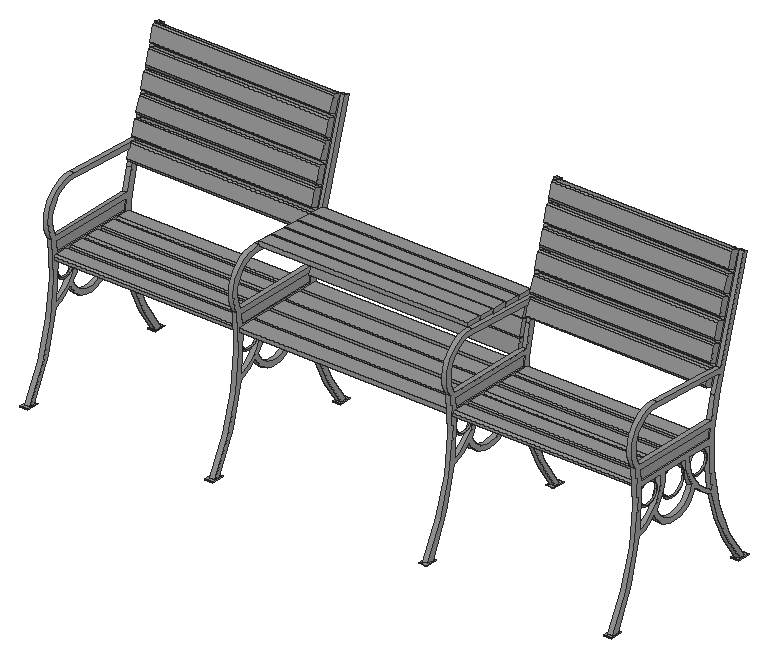
Revit family "Скамейка стальная «Дуэт» Арт 6830", category Антураж, Revit 2018
Family settings
  На основе рабочей плоскости = Нет
  Всегда вертикально = Да
  При загрузке вырезать с полостями = Нет
  Источник визуального образа = Геометрия семейства
  Общий = Нет
  Точка расчета площади = Нет
Parameters (values of type "Скамейка стальная «Дуэт». Версия 2,0 м")
  Ширина = 600 mm  # constant formula
  Цыкт лавки = Дерево
  Цвет опор = Сталь
  Описание = "Скамейка стальная «Дуэт». Версия 2,0 м"  # constant formula
  Материал изделия = "Сталь, дерево"  # constant formula
  Изображение типоразмера = Скамейка стальная «Дуэт» Арт 6830.jpg
  Изготовитель = "ООО «Хоббика»"  # constant formula
  Длина = 2000 mm  # constant formula
  Группа модели = "Садовые скамейки"  # constant formula
  Высота = 930 mm  # constant formula
  Артикул товара = "Арт. 6830"  # constant formula
  URL = "https://hobbyka.ru/product/skameika_modulnaia_duet/"
Reference planes
  plane 1 "По центру (Вперед/Назад)": y = 0
  plane 2: z = 0
  plane 3 "По центру (Влево/Вправо)": x = 0
  plane 4: x = 2000
  plane 5: y = 600
  plane 6: z = 930
Forms (mm)
  Extrusion 1, solid, material "Дерево" <- "Цыкт лавки"
    sketch origin (0, 6.301, 105.551) x (0, 0.999898, 0.014287) y (0, -0.014287, 0.999898)
      loop
        line (544.112, 820.278) -> (529.897, 776.53) -> (533.107, 770.229) -> (554.981, 763.122) -> (572.286, 816.381) -> (550.412, 823.488) -> (544.112, 820.278)
      loop
        line (523.716, 757.508) -> (509.502, 713.76) -> (512.712, 707.459) -> (534.586, 700.352) -> (551.891, 753.611) -> (530.017, 760.719) -> (523.716, 757.508)
      loop
        line (503.321, 694.739) -> (489.106, 650.99) -> (492.317, 644.69) -> (514.191, 637.582) -> (531.496, 690.841) -> (509.622, 697.949) -> (503.321, 694.739)
      loop
        line (482.926, 631.969) -> (468.711, 588.22) -> (471.922, 581.92) -> (493.796, 574.813) -> (511.101, 628.072) -> (489.227, 635.179) -> (482.926, 631.969)
      loop
        line (462.531, 569.199) -> (448.316, 525.451) -> (451.526, 519.15) -> (473.401, 512.043) -> (490.706, 565.302) -> (468.831, 572.409) -> (462.531, 569.199)
      loop
        line (442.136, 506.429) -> (427.921, 462.681) -> (431.131, 456.38) -> (453.006, 449.273) -> (470.311, 502.532) -> (448.436, 509.64) -> (442.136, 506.429)
      loop
        line (169.768, 298.054) -> (169.897, 307.053) -> (164.969, 312.124) -> (118.973, 312.781) -> (113.902, 307.853) -> (113.774, 298.854) -> (169.768, 298.054)
      loop
        line (235.761, 297.111) -> (235.89, 306.11) -> (230.962, 311.181) -> (184.967, 311.838) -> (179.896, 306.91) -> (179.767, 297.911) -> (235.761, 297.111)
      loop
        line (301.755, 296.168) -> (301.883, 305.167) -> (296.955, 310.238) -> (250.96, 310.895) -> (245.889, 305.967) -> (245.76, 296.968) -> (301.755, 296.168)
      loop
        line (367.748, 295.225) -> (367.877, 304.224) -> (362.948, 309.295) -> (316.953, 309.952) -> (311.882, 305.024) -> (311.754, 296.025) -> (367.748, 295.225)
      loop
        line (433.741, 294.282) -> (433.87, 303.281) -> (428.942, 308.352) -> (382.946, 309.009) -> (377.875, 304.081) -> (377.747, 295.082) -> (433.741, 294.282)
    from 16 to 629
  Extrusion 2, solid, material "Дерево" <- "Цыкт лавки"
    sketch origin (0, 6.301, 105.551) x (0, 0.999898, 0.014287) y (0, -0.014287, 0.999898)
      loop
        line (544.112, 820.278) -> (529.897, 776.53) -> (533.107, 770.229) -> (554.981, 763.122) -> (572.286, 816.381) -> (550.412, 823.488) -> (544.112, 820.278)
      loop
        line (523.716, 757.508) -> (509.502, 713.76) -> (512.712, 707.459) -> (534.586, 700.352) -> (551.891, 753.611) -> (530.017, 760.719) -> (523.716, 757.508)
      loop
        line (503.321, 694.739) -> (489.106, 650.99) -> (492.317, 644.69) -> (514.191, 637.582) -> (531.496, 690.841) -> (509.622, 697.949) -> (503.321, 694.739)
      loop
        line (482.926, 631.969) -> (468.711, 588.22) -> (471.922, 581.92) -> (493.796, 574.813) -> (511.101, 628.072) -> (489.227, 635.179) -> (482.926, 631.969)
      loop
        line (462.531, 569.199) -> (448.316, 525.451) -> (451.526, 519.15) -> (473.401, 512.043) -> (490.706, 565.302) -> (468.831, 572.409) -> (462.531, 569.199)
      loop
        line (442.136, 506.429) -> (427.921, 462.681) -> (431.131, 456.38) -> (453.006, 449.273) -> (470.311, 502.532) -> (448.436, 509.64) -> (442.136, 506.429)
      loop
        line (169.768, 298.054) -> (169.897, 307.053) -> (164.969, 312.124) -> (118.973, 312.781) -> (113.902, 307.853) -> (113.774, 298.854) -> (169.768, 298.054)
      loop
        line (235.761, 297.111) -> (235.89, 306.11) -> (230.962, 311.181) -> (184.967, 311.838) -> (179.896, 306.91) -> (179.767, 297.911) -> (235.761, 297.111)
      loop
        line (301.755, 296.168) -> (301.883, 305.167) -> (296.955, 310.238) -> (250.96, 310.895) -> (245.889, 305.967) -> (245.76, 296.968) -> (301.755, 296.168)
      loop
        line (367.748, 295.225) -> (367.877, 304.224) -> (362.948, 309.295) -> (316.953, 309.952) -> (311.882, 305.024) -> (311.754, 296.025) -> (367.748, 295.225)
      loop
        line (433.741, 294.282) -> (433.87, 303.281) -> (428.942, 308.352) -> (382.946, 309.009) -> (377.875, 304.081) -> (377.747, 295.082) -> (433.741, 294.282)
    from 1371 to 1984
  Extrusion 3, solid, material "Дерево" <- "Цыкт лавки"
    sketch origin (0, 0, 0) x (0, 1, 0) y (0, 0, 1)
      loop
        line (237.793, 406) -> (237.793, 420) -> (181.793, 420) -> (181.793, 406) -> (237.793, 406)
      loop
        line (303.793, 406) -> (303.793, 420) -> (247.793, 420) -> (247.793, 406) -> (303.793, 406)
      loop
        line (369.793, 406) -> (369.793, 420) -> (313.793, 420) -> (313.793, 406) -> (369.793, 406)
      loop
        line (435.793, 406) -> (435.793, 420) -> (379.793, 420) -> (379.793, 406) -> (435.793, 406)
      loop
        line (171.793, 406) -> (171.793, 420) -> (115.793, 420) -> (115.793, 406) -> (171.793, 406)
    from 645 to 1355
  Extrusion 4, solid, material "Дерево" <- "Цыкт лавки"
    sketch origin (0, 0, 220) x (0, 1, 0) y (0, 0, 1)
      loop
        line (305.623, 406.664) -> (306.356, 420.644) -> (256.424, 423.261) -> (255.692, 409.28) -> (305.623, 406.664)
      loop
        line (360.548, 403.785) -> (361.28, 417.766) -> (311.349, 420.383) -> (310.616, 406.402) -> (360.548, 403.785)
      loop
        line (415.472, 400.907) -> (416.205, 414.887) -> (366.273, 417.504) -> (365.541, 403.523) -> (415.472, 400.907)
      loop
        line (470.397, 398.028) -> (471.13, 412.009) -> (421.198, 414.626) -> (420.465, 400.645) -> (470.397, 398.028)
      loop
        line (250.698, 409.542) -> (251.431, 423.523) -> (201.5, 426.14) -> (200.767, 412.159) -> (250.698, 409.542)
    from 645 to 1355
  Extrusion 5, solid, material "Дерево" <- "Цыкт лавки"
    sketch origin (0, -4.875, 204.234) x (0, 1, 0) y (0, 0, 1)
      loop
        line (440.227, 292.219) -> (426.515, 295.101) -> (418.211, 245.754) -> (431.923, 242.871) -> (440.227, 292.219)
      loop
        line (454.15, 345.483) -> (440.618, 349.073) -> (427.795, 300.746) -> (441.327, 297.155) -> (454.15, 345.483)
      loop
        line (470.397, 398.028) -> (457.022, 402.164) -> (442.252, 354.395) -> (455.627, 350.259) -> (470.397, 398.028)
    from 645 to 1355
Dimensions and locks
  "Длина": plane 3 "По центру (Влево/Вправо)" to plane 4
  "Ширина": plane 5 to plane 1 "По центру (Вперед/Назад)"
  plane 3 "По центру (Влево/Вправо)" to nested 3 to nested 4 to plane 4 = 645 mm, 710 mm, 645 mm
  "Высота": plane 6 to plane 2
  aligned and locked: level to plane 2
  aligned and locked: plane 4 to nested 2
Automatic sketch dimensions
  Extrusion 1 sketch curve to plane 1 "По центру (Вперед/Назад)" = 115.793 mm
  level to Extrusion 1 sketch curve = 406 mm
  Extrusion 1 sketch curve to Extrusion 1 sketch curve = 0.129 mm  (x5)
  Extrusion 1 sketch curve to Extrusion 1 sketch curve = 5.071 mm  (x10)
  Extrusion 1 sketch curve to Extrusion 1 sketch curve = 45.995 mm  (x5)
  Extrusion 1 sketch curve to Extrusion 1 sketch curve = 4.799 mm  (x5)
  Extrusion 1 sketch curve to Extrusion 1 sketch curve = 4.928 mm  (x10)
  Extrusion 1 sketch curve to Extrusion 1 sketch curve = 9.999 mm  (x4)
  Extrusion 1 sketch curve to Extrusion 1 sketch curve = 44.975 mm
  Extrusion 1 sketch curve to Extrusion 1 sketch curve = 3.21 mm  (x12)
  Extrusion 1 sketch curve to Extrusion 1 sketch curve = 14.215 mm  (x6)
  Extrusion 1 sketch curve to Extrusion 1 sketch curve = 6.18 mm  (x5)
  Extrusion 1 sketch curve to Extrusion 1 sketch curve = 6.3 mm  (x12)
  Extrusion 1 sketch curve to Extrusion 1 sketch curve = 21.874 mm  (x7)
  Extrusion 1 sketch curve to Extrusion 1 sketch curve = 3.09 mm  (x5)
  Extrusion 1 sketch curve to Extrusion 1 sketch curve = 0.8 mm  (x5)
  Extrusion 1 sketch curve to Extrusion 1 sketch curve = 0.143 mm  (x4)
  Extrusion 1 sketch curve to Extrusion 1 sketch curve = 140.921 mm
  Extrusion 1 sketch curve to Extrusion 1 sketch curve = 7.107 mm
  Extrusion 1 sketch curve to Extrusion 1 sketch curve = 9.511 mm  (x10)
  Extrusion 2 sketch curve to plane 1 "По центру (Вперед/Назад)" = 115.793 mm
  level to Extrusion 2 sketch curve = 406 mm
  Extrusion 2 sketch curve to Extrusion 2 sketch curve = 0.129 mm  (x5)
  Extrusion 2 sketch curve to Extrusion 2 sketch curve = 5.071 mm  (x10)
  Extrusion 2 sketch curve to Extrusion 2 sketch curve = 45.995 mm  (x5)
  Extrusion 2 sketch curve to Extrusion 2 sketch curve = 4.799 mm  (x5)
  Extrusion 2 sketch curve to Extrusion 2 sketch curve = 4.928 mm  (x10)
  Extrusion 2 sketch curve to Extrusion 2 sketch curve = 9.999 mm  (x4)
  Extrusion 2 sketch curve to Extrusion 2 sketch curve = 44.975 mm
  Extrusion 2 sketch curve to Extrusion 2 sketch curve = 3.21 mm  (x12)
  Extrusion 2 sketch curve to Extrusion 2 sketch curve = 14.215 mm  (x6)
  Extrusion 2 sketch curve to Extrusion 2 sketch curve = 6.18 mm  (x5)
  Extrusion 2 sketch curve to Extrusion 2 sketch curve = 6.3 mm  (x12)
  Extrusion 2 sketch curve to Extrusion 2 sketch curve = 21.874 mm  (x7)
  Extrusion 2 sketch curve to Extrusion 2 sketch curve = 3.09 mm  (x5)
  Extrusion 2 sketch curve to Extrusion 2 sketch curve = 0.8 mm  (x5)
  Extrusion 2 sketch curve to Extrusion 2 sketch curve = 0.143 mm  (x4)
  Extrusion 2 sketch curve to Extrusion 2 sketch curve = 140.921 mm
  Extrusion 2 sketch curve to Extrusion 2 sketch curve = 7.107 mm
  Extrusion 2 sketch curve to Extrusion 2 sketch curve = 9.511 mm  (x10)
  Extrusion 3 sketch curve to plane 1 "По центру (Вперед/Назад)" = 115.793 mm
  Extrusion 3 sketch curve to Extrusion 3 sketch curve = 56 mm  (x5)
  Extrusion 3 sketch curve to Extrusion 3 sketch curve = 10 mm  (x4)
  level to Extrusion 3 sketch curve = 406 mm
  Extrusion 3 sketch curve to Extrusion 3 sketch curve = 0 mm  (x7)
  Extrusion 3 sketch curve to Extrusion 3 sketch curve = 14 mm  (x2)
  Extrusion 4 sketch curve to plane 1 "По центру (Вперед/Назад)" = 200.767 mm
  Extrusion 4 sketch curve to Extrusion 4 sketch curve = 0.733 mm
  Extrusion 4 sketch curve to Extrusion 4 sketch curve = 49.931 mm  (x5)
  Extrusion 4 sketch curve to Extrusion 4 sketch curve = 4.993 mm  (x8)
  Extrusion 4 sketch curve to plane 6 = 311.972 mm
  Extrusion 4 sketch curve to Extrusion 4 sketch curve = 2.617 mm  (x5)
  Extrusion 4 sketch curve to Extrusion 4 sketch curve = 0.262 mm  (x4)
  Extrusion 5 sketch curve to Extrusion 5 sketch curve = 8.304 mm
  Extrusion 5 sketch curve to Extrusion 5 sketch curve = 1.28 mm
  Extrusion 5 sketch curve to Extrusion 5 sketch curve = 13.712 mm  (x2)
  Extrusion 5 sketch curve to Extrusion 5 sketch curve = 12.823 mm
  Extrusion 5 sketch curve to Extrusion 5 sketch curve = 1.1 mm
  Extrusion 5 sketch curve to Extrusion 5 sketch curve = 1.633 mm
  Extrusion 5 sketch curve to Extrusion 5 sketch curve = 1.477 mm
  Extrusion 5 sketch curve to Extrusion 5 sketch curve = 14.77 mm
  Extrusion 5 sketch curve to Extrusion 5 sketch curve = 49.347 mm
  Extrusion 5 sketch curve to Extrusion 5 sketch curve = 4.936 mm
  Extrusion 5 sketch curve to Extrusion 5 sketch curve = 5.644 mm
  Extrusion 5 sketch curve to Extrusion 5 sketch curve = 4.777 mm
  Extrusion 5 sketch curve to Extrusion 5 sketch curve = 5.322 mm
  Extrusion 5 sketch curve to Extrusion 5 sketch curve = 2.883 mm  (x2)
  Extrusion 5 sketch curve to plane 5 = 186.664 mm
  level to Extrusion 5 sketch curve = 447.105 mm
Nested families
  nested 1: "Скамейка стальная «Дуэт» опора боковая" at (0, 0, 0), type "Скамейка стальная «Дуэт» опора боковая"
  nested 2: "Скамейка стальная «Дуэт» опора боковая" at (2000, 0, 0) x (-1, 0, 0) z (0, 0, 1), type "Скамейка стальная «Дуэт» опора боковая"
  nested 3: "Скамейка стальная «Дуэт» опора боковая" at (645, 0, 0) x (-1, 0, 0) z (0, 0, 1), type "Скамейка стальная «Дуэт» опора боковая"
  nested 4: "Скамейка стальная «Дуэт» опора боковая" at (1355, 0, 0), type "Скамейка стальная «Дуэт» опора боковая"
Definition of nested family "Скамейка стальная «Дуэт» опора боковая"
  Parameters (values of type "Скамейка стальная «Дуэт» опора боковая")
    Цвет опоры = none
    Height = 0 mm
  Reference planes
    plane 1 "По центру (Вперед/Назад)": y = 0
    plane 2: z = 0
    plane 3 "По центру (Влево/Вправо)": x = 0
    plane 4: y = 600
    plane 5: z = 930
  Forms (mm)
    Extrusion 1, solid, material <- "Цвет опоры"
      sketch origin (0, -16.428, 0) x (0, 1, 0) y (0, 0, 1)
        loop
          line (483.352, 552.631) -> (598.511, 925.08) -> (583.293, 930.025) -> (486.825, 618.028) -> (219.7, 632.028)
          arc (219.7, 632.028) -> (122.348, 579.195) -> (125.183, 468.467) r 106.029
          arc (125.183, 468.467) -> (119.539, 225.238) -> (27.559, 0) r 671.185
          line (27.559, 0) -> (46.473, 0)
          arc (46.473, 0) -> (106.362, 122.112) -> (141.029, 253.628) r 687.185
          arc (141.029, 253.628) -> (173.852, 270.177) -> (202.037, 293.773) r 160.163
          arc (202.037, 293.773) -> (292.807, 237.953) -> (377.697, 302.363) r 94.331
          arc (377.697, 302.363) -> (410.8, 270.913) -> (451.307, 249.838) r 163.57
          arc (451.307, 249.838) -> (495.055, 118.139) -> (567.868, 0) r 600.476
          line (567.868, 0) -> (588.428, 0)
          arc (588.428, 0) -> (465.032, 262.843) -> (483.352, 552.631) r 584.476
        loop
          line (463.099, 541.294) -> (481.95, 602.262) -> (218.863, 616.05)
          arc (218.863, 616.05) -> (134.778, 568.63) -> (141.953, 472.362) r 90.029
          line (141.953, 472.362) -> (447.189, 472.362)
          arc (447.189, 472.362) -> (454.128, 507.062) -> (463.099, 541.294) r 600.476
        loop
          line (439.598, 404) -> (353.239, 404)
          arc (353.239, 404) -> (379.364, 318.991) -> (448.675, 263.269) r 151.57
          arc (448.675, 263.269) -> (439.991, 333.367) -> (439.598, 404) r 600.476
        loop
          arc (440.665, 420) -> (442.405, 438.212) -> (444.698, 456.362) r 600.476
          line (444.698, 456.362) -> (143.167, 456.362)
          arc (143.167, 456.362) -> (145.434, 438.208) -> (147.216, 420) r 687.185
          line (147.216, 420) -> (440.665, 420)
        loop
          line (337.239, 404) -> (249.974, 404)
          arc (249.974, 404) -> (241.099, 350.726) -> (215.417, 303.215) r 164.163
          arc (215.417, 303.215) -> (293.337, 254.009) -> (364.146, 312.992) r 78.331
          arc (364.146, 312.992) -> (344.115, 356.551) -> (337.239, 404) r 167.57
        loop
          line (233.974, 404) -> (148.379, 404)
          arc (148.379, 404) -> (149.138, 335.529) -> (143.078, 267.323) r 687.185
          arc (143.078, 267.323) -> (209.183, 321.924) -> (233.974, 404) r 148.163
      from 0 to 16
    Extrusion 2, solid, material <- "Цвет опоры"
      sketch origin (0, -16.428, 0) x (0, 1, 0) y (0, 0, 1)
        loop
          line (148.379, 404) -> (439.598, 404)
          arc (439.598, 404) -> (439.652, 405) -> (439.708, 406) r 600.476
          line (439.708, 406) -> (148.252, 406)
          arc (148.252, 406) -> (148.316, 405) -> (148.379, 404) r 671.185
        loop
          line (585.195, 929.407) -> (583.293, 930.025) -> (471.042, 566.983) -> (472.952, 566.392) -> (585.195, 929.407)
      from 16 to 36
    Sweep 3, solid, material <- "Цвет опоры"
      path origin (0, -16.428, -2.5) x (0, 1, 0) y (0, 0, 1)
        loop
          circle (399.543, 366.819) r 39.5
      profile origin (0, 383.116, 324.819) x (0, 0, 1) y (1, 0, 0)
        loop
          circle (2.5, 10) r 2.5
    Sweep 4, solid, material <- "Цвет опоры"
      path origin (0, -111.22, 64.428) x (0, 1, 0) y (0, 0, 1)
        loop
          circle (388.324, 290) r 49.423
      profile origin (0, 277.105, 305.005) x (0, 0, 1) y (1, 0, 0)
        loop
          circle (2.5, 10) r 2.5
    Extrusion 5, solid, material <- "Цвет опоры"
      sketch origin (0, -16.428, 0) x (0, 1, 0) y (0, 0, 1)
        loop
          line (444.698, 456.362) -> (143.167, 456.362)
          arc (143.167, 456.362) -> (145.434, 438.208) -> (147.216, 420) r 687.185
          line (147.216, 420) -> (440.665, 420)
          arc (440.665, 420) -> (442.405, 438.212) -> (444.698, 456.362) r 600.476
      from 7 to 9
    Extrusion 6, solid, material <- "Цвет опоры"
      sketch origin (0, -16.428, 0) x (0, 1, 0) y (0, 0, 1)
        loop
          line (598.148, 0) -> (598.148, 1.968) -> (558.148, 1.968) -> (558.148, 0) -> (598.148, 0)
        loop
          line (57.016, 0) -> (57.016, 1.968) -> (16.428, 1.968) -> (16.428, 0) -> (57.016, 0)
      from -5 to 21
    Sweep 7, solid, material <- "Цвет опоры"
      path origin (0, -228.232, -2.188) x (0, 1, 0) y (0, 0, 1)
        loop
          circle (399.543, 366.819) r 39.5
      profile origin (0, 171.312, 325.132) x (0, 0, 1) y (1, 0, 0)
        loop
          circle (2.5, 10) r 2.5
  Cuts and joins
    joined: Extrusion 1, Extrusion 6
  Dimensions and locks
    aligned and locked: level to plane 2
